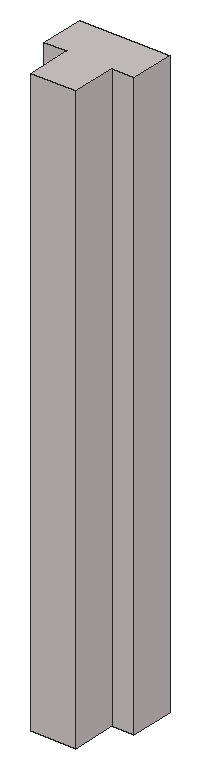
Revit family
Parameters (values of type "460 x 460 mm")
  height1 = 3000 mm
  height = RCC
  Width 2 = 230 mm
  Depth 2- = 230 mm
  Depth 1- = 460 mm
  Width = 460 mm
  Column Material = RCC
Reference planes
  plane 1 "Center (Front/Back)": y = 20
  plane 2: z = 0
  plane 3 "Center (Left/Right)": x = -20
  plane 4 "Left": x = -250
  plane 5 "Right": x = 210
  plane 6 "Back": y = 250
  plane 7 "Front": y = -210
  plane 8: x = 95
  plane 9: x = -135
Forms (mm)
  Extrusion 1, solid, material "RCC" <- "height"
    sketch origin (0, 0, 0) x (1, 0, 0) y (0, 1, 0)
      loop
        line (95, -210) -> (95, 20) -> (210, 20) -> (210, 250) -> (-250, 250) -> (-250, 20) -> (-135, 20) -> (-135, -210) -> (95, -210)
    from 0 to 3000
Dimensions and locks
  "Width": plane 4 "Left" to plane 5 "Right"
  "Depth 2-": plane 1 "Center (Front/Back)" to plane 6 "Back"
  equal spacing: plane 4 "Left", plane 3 "Center (Left/Right)", plane 5 "Right"
  equal spacing: plane 9, plane 3 "Center (Left/Right)", plane 8
  "Width 2": plane 9 to plane 8
  "Depth 1-": plane 7 "Front" to plane 6 "Back"
  aligned and locked: level to Extrusion 1
  aligned and locked: plane 9 to Extrusion 1
  aligned and locked: Extrusion 1 to plane 8
Automatic sketch dimensions
  plane 4 "Left" to Extrusion 1 sketch curve = 0 mm
  Extrusion 1 sketch curve to plane 1 "Center (Front/Back)" = 0 mm  (x2)
  plane 9 to Extrusion 1 sketch curve = 0 mm
  plane 8 to Extrusion 1 sketch curve = 0 mm
  plane 5 "Right" to Extrusion 1 sketch curve = 0 mm
  Extrusion 1 sketch curve to plane 7 "Front" = 0 mm
  Extrusion 1 sketch curve to plane 6 "Back" = 0 mm
